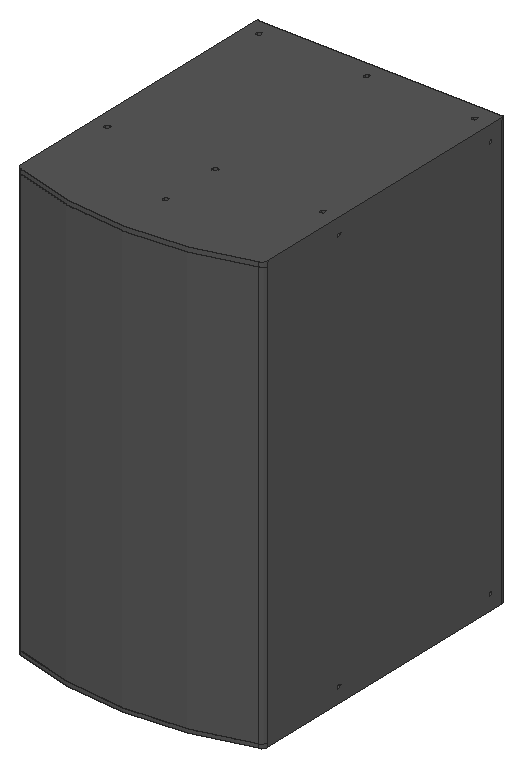
Revit family "1Electronics_Community_Biamp_Subwoofer_IS6-218", category Communication Devices, host Face, Revit 2020
Family settings
  Host = Face
  Maintain Annotation Orientation = No
  Round Connector Dimension = Use Diameter
  Part Type = Normal
  OmniClass Number = 23.85.10.11.14.14.14
  OmniClass Title = Loudspeakers
  Cut with Voids When Loaded = No
  Shared = No
  Room Calculation Point = No
Parameters (values of type "IS6-218 B")
  Width = 22.10"  # constant formula
  Weight = 170.00 lbf  # constant formula
  URL = "https://www.biamp.com/"
  Transducers = "2 x 18 (457mm) double-treated cones with 4 (102mm) inner/outer wound voice coil, ferrite construction"  # constant formula
  Shipping Weight = 190.00 lbf  # constant formula
  Recommended Amplifiers = "Single Amp - 1400W - 2800W @ 4 ohms,  (75V - 106V); Dual Amp - 700W - 1400W @ 8 ohms,  (75V - 106V) (each driver)"  # constant formula
  Product data url = "https://bimobject.com/biamp/product/is6-218_community-subwoofer"
  Product Page URL = "https://www.biamp.com/products/product-families/community/community-subwoofers#is6-218"
  Product Documentation Link = "https://downloads.biamp.com/assets/docs/default-source/data-sheets/biamp_data_sheet_community_is6-218.pdf"
  Operating Range = "32 Hz to 145 Hz  "  # constant formula
  Operating Mode = "Single or Dual Amp"  # constant formula
  Operating Environment = "Indoor"  # constant formula
  Nominal Sensitivity = "Half Space - 1W: 107 dB - 2.83V: 110 dB; Whole Space - 1W: 101 dB - 2.83V: 104 dB"  # constant formula
  Nominal Maximum SPL = "Half Space - Peak: 144 dB - Continuous: 138 dB; Whole Space - Peak: 138 dB - Continuous: 132 dB"  # constant formula
  Mounting Points = "(24) M10 threaded rigging points"  # constant formula
  Model = "IS6-218 B"
  Manufacturer = "Biamp"  # constant formula
  Input Connection = "Screw terminal blocks (4-position)"  # constant formula
  Housing Material = Biamp - Plastic - Black
  Height = 39.00"  # constant formula
  Grill Material = Biamp - Plastic - Black(Grid)
  Equalized Sensitivity = "Half Space - 1W: 102 dB - 2.83V: 105 dB; Whole Space - 1W: 96 dB - 2.83V: 99 dB"  # constant formula
  Equalized Maximum SPL = "Half Space - Peak: 139 dB - Continuous: 133 dB; Whole Space - Peak: 133 dB - Continuous: 127 dB"  # constant formula
  Environmental = "Outdoor: IP55W per IEC 60529, MIL-STD-810G"  # constant formula
  Description = "IS6-218 Medium Power Dual 18-Inch Subwoofer"  # constant formula
  Depth = 28.89"  # constant formula
  Default Elevation = 48.00"
  Continuous Power Handling  Nominal Impedance = "Single Amp - 75V, 1400W @ 4 ohms (5600W peak); Dual Amp - 75V, 700W @ 8 ohms (2800W peak) (each); "  # constant formula
Types (3): name | Model | Housing Material | Grill Material
  (no name) | "IS6-218 B" | Biamp - Plastic - Black | Biamp - Plastic - Black(Grid)
  IS6-218 B | "IS6-218 B" | Biamp - Plastic - Black | Biamp - Plastic - Black(Grid)
  IS6-218 W | "IS6-218 W" | Biamp - Plastic - White | Biamp - Plastic - White(Grid)
Reference planes (in)
  plane 1 "Center (Front/Back)": y = 0
  plane 2: z = 0
  plane 3 "Center (Left/Right)": x = 0
  plane 4: y = 14.445
  plane 5: y = -14.445
  plane 6: x = -11.05
  plane 7: x = 11.05
  plane 8: z = 39
  plane 9: z = 19.5
  plane 10: x = -10.675
  plane 11: y = 14.07
  plane 12: y = 14.2575
  plane 13: z = 38.625
  plane 14: z = 0.375
  plane 15: x = 10.675
  plane 16: y = -12.015
Forms (in)
  Extrusion 1, void
    sketch origin (0, 0, 0) x (1, 0, 0) y (0, 1, 0)
      loop
        circle (-9.67, 12.925) r 0.21654
      loop
        circle (0, 12.925) r 0.21654
      loop
        circle (9.67, 12.925) r 0.21654
      loop
        circle (-9.67, -4.085) r 0.21654
      loop
        circle (0, -4.085) r 0.21654
      loop
        circle (9.67, -4.085) r 0.21654
      loop
        circle (0, -9.605) r 0.21654
    from 38.625 to 39
  Extrusion 2, void
    sketch origin (0, 0, 0) x (0, 1, 0) y (0, 0, 1)
      loop
        circle (12.925, 1.38) r 0.21654
      loop
        circle (12.925, 37.62) r 0.21654
      loop
        circle (-4.085, 1.38) r 0.21654
      loop
        circle (-4.085, 37.62) r 0.21654
    from 10.675 to 11.05
  Extrusion 3, void
    sketch origin (0, 0, 0) x (1, 0, 0) y (0, 0, 1)
      loop
        circle (0, 37.62) r 0.21654
      loop
        circle (0, 1.38) r 0.21654
      loop
        line (2.005, 13.38) -> (-2.005, 13.38)
        arc (-2.005, 13.38) -> (-2.09339, 13.34339) -> (-2.13, 13.255) r 0.125
        line (-2.13, 13.255) -> (-2.13, 6.445)
        arc (-2.13, 6.445) -> (-2.09339, 6.35661) -> (-2.005, 6.32) r 0.125
        line (-2.005, 6.32) -> (2.005, 6.32)
        arc (2.005, 6.32) -> (2.09339, 6.35661) -> (2.13, 6.445) r 0.125
        line (2.13, 6.445) -> (2.13, 13.255)
        arc (2.13, 13.255) -> (2.09339, 13.34339) -> (2.005, 13.38) r 0.125
    from -14.445 to -14.07
  Extrusion 4, solid, material "Biamp - Plastic - Black" <- "Housing Material", detail levels medium+fine
    sketch origin (0, 0, -2.8) x (1, 0, 0) y (0, 0, 1)
      loop
        line (-0.5, 15.18) -> (-0.5, 14.93) -> (0.5, 14.93) -> (0.5, 15.18) -> (-0.5, 15.18)
      loop
        line (-0.5, 14.18) -> (-0.5, 13.93) -> (0.5, 13.93) -> (0.5, 14.18) -> (-0.5, 14.18)
    from -14.2575 to -14.07
  Extrusion 5, void
    sketch origin (0, 0, -19.42578) x (0, -1, 0) y (1, 0, 0)
      loop
        circle (-12.925, -9.67) r 0.21654
      loop
        circle (-12.925, 0) r 0.21654
      loop
        circle (-12.925, 9.67) r 0.21654
      loop
        circle (4.085, -9.67) r 0.21654
      loop
        circle (4.085, 0) r 0.21654
      loop
        circle (4.085, 9.67) r 0.21654
      loop
        circle (9.605, 0) r 0.21654
    from 19.42578 to 19.80078
  Extrusion 6, solid, material "Biamp - Plastic - Black" <- "Housing Material", detail levels medium+fine
    sketch origin (0, 0, 0) x (1, 0, 0) y (0, 1, 0)
      loop
        arc (-10.89375, 14.445) -> (-11.00424, 14.39924) -> (-11.05, 14.28875) r 0.15625
        line (-11.05, 14.28875) -> (-11.05, -12.015)
        arc (-11.05, -12.015) -> (-10.91244, -12.32978) -> (-10.6336, -12.53044) r 0.64982
        arc (-10.6336, -12.53044) -> (0, -14.445) -> (10.6336, -12.53044) r 30.48718
        arc (10.6336, -12.53044) -> (10.91244, -12.32978) -> (11.05, -12.015) r 0.64982
        line (11.05, -12.015) -> (11.05, 14.23673)
        arc (11.05, 14.23673) -> (10.989, 14.384) -> (10.84173, 14.445) r 0.20827
        line (10.84173, 14.445) -> (-10.89375, 14.445)
    from 0 to 39
  Extrusion 7, solid, material "Biamp - Plastic - Black" <- "Housing Material", detail levels coarse
    sketch origin (0, 0, 0) x (1, 0, 0) y (0, 1, 0)
      loop
        arc (10.6336, -12.53044) -> (10.91244, -12.32978) -> (11.05, -12.015) r 0.64982
        line (11.05, -12.015) -> (11.05, 14.23673)
        arc (11.05, 14.23673) -> (10.989, 14.384) -> (10.84173, 14.445) r 0.20827
        line (10.84173, 14.445) -> (-10.89375, 14.445)
        arc (-10.89375, 14.445) -> (-11.00424, 14.39924) -> (-11.05, 14.28875) r 0.15625
        line (-11.05, 14.28875) -> (-11.05, -12.015)
        arc (-11.05, -12.015) -> (-10.91244, -12.32978) -> (-10.6336, -12.53044) r 0.64982
        arc (-10.6336, -12.53044) -> (0, -14.445) -> (10.6336, -12.53044) r 30.48718
    from 0 to 39
  Extrusion 8, solid, material "Biamp - Plastic - Black(Grid)" <- "Grill Material", detail levels medium+fine
    sketch origin (0, 0, 0) x (1, 0, 0) y (0, 1, 0)
      loop
        arc (10.6336, -12.53044) -> (10.91244, -12.32978) -> (11.05, -12.015) r 0.64982
        line (11.05, -12.015) -> (-11.05, -12.015)
        arc (-11.05, -12.015) -> (-10.91244, -12.32978) -> (-10.6336, -12.53044) r 0.64982
        arc (-10.6336, -12.53044) -> (0, -14.445) -> (10.6336, -12.53044) r 30.48718
    from 0.375 to 38.625
  Extrusion 9, void
    sketch origin (0, 0, 0) x (1, 0, 0) y (0, 1, 0)
      loop
        line (-12.05, -12.015) -> (-12.05, -15.0937) -> (11.54035, -15.0937) -> (11.54035, -12.015) -> (-12.05, -12.015)
    from 0.375 to 38.625
  Extrusion 10, void
    sketch origin (0, 0, 0) x (0, 1, 0) y (0, 0, -1)
      loop
        circle (12.925, -1.38) r 0.21654
      loop
        circle (12.925, -37.63) r 0.21654
      loop
        circle (-4.085, -1.38) r 0.21654
      loop
        circle (-4.085, -37.63) r 0.21654
    from 10.675 to 11.05
Cuts and joins
  Extrusion 1, Extrusion 2, Extrusion 3, Extrusion 5, Extrusion 9, Extrusion 10 cuts Extrusion 6
  Extrusion 10 cuts Extrusion 7
Lines and regions (in)
  Masking region 1
    outline origin (0, 0, 0) x (1, 0, 0) y (0, 0, 1)
      loop
        line (-11.05006, 39) -> (-11.05006, 0) -> (11.05006, 0) -> (11.05006, 39) -> (-11.05006, 39)
  Masking region 2
    outline origin (0, 0, 0) x (0, 1, 0) y (0, 0, 1)
      loop
        line (-14.445, 39) -> (-14.445, 0) -> (14.445, 0) -> (14.445, 39) -> (-14.445, 39)
  Masking region 3
    outline origin (0, 0, 0) x (1, 0, 0) y (0, 1, 0)
      loop
        arc (10.6336, -12.53044) -> (10.91244, -12.32978) -> (11.05, -12.015) r 0.64982
        line (11.05, -12.015) -> (11.05, 14.23673)
        arc (11.05, 14.23673) -> (10.989, 14.384) -> (10.84173, 14.445) r 0.20827
        line (10.84173, 14.445) -> (-10.89375, 14.445)
        arc (-10.89375, 14.445) -> (-11.00424, 14.39924) -> (-11.05, 14.28875) r 0.15625
        line (-11.05, 14.28875) -> (-11.05, -12.015)
        arc (-11.05, -12.015) -> (-10.91244, -12.32978) -> (-10.6336, -12.53044) r 0.64982
        arc (-10.6336, -12.53044) -> (0, -14.445) -> (10.6336, -12.53044) r 30.48718
  symbolic lines
    curve 1: arc (-9.45346, 12.925, 0) -> (-9.67, 12.70846, 0) -> (-9.88654, 12.925, 0) r 0.21654
    curve 2: arc (-9.88654, 12.925, 0) -> (-9.67, 13.14154, 0) -> (-9.45346, 12.925, 0) r 0.21654
    curve 3: arc (0.21654, 12.925, 0) -> (0, 12.70846, 0) -> (-0.21654, 12.925, 0) r 0.21654
    curve 4: arc (-0.21654, 12.925, 0) -> (0, 13.14154, 0) -> (0.21654, 12.925, 0) r 0.21654
    curve 5: arc (9.45346, 12.925, 0) -> (9.67, 12.70846, 0) -> (9.88654, 12.925, 0) r 0.21654
    curve 6: arc (9.88654, 12.925, 0) -> (9.67, 13.14154, 0) -> (9.45346, 12.925, 0) r 0.21654
    curve 7: arc (-9.45346, -4.085, 0) -> (-9.67, -4.30154, 0) -> (-9.88654, -4.085, 0) r 0.21654
    curve 8: arc (-9.88654, -4.085, 0) -> (-9.67, -3.86846, 0) -> (-9.45346, -4.085, 0) r 0.21654
    curve 9: arc (0.21654, -4.085, 0) -> (0, -4.30154, 0) -> (-0.21654, -4.085, 0) r 0.21654
    curve 10: arc (-0.21654, -4.085, 0) -> (0, -3.86846, 0) -> (0.21654, -4.085, 0) r 0.21654
    curve 11: arc (9.45346, -4.085, 0) -> (9.67, -4.30154, 0) -> (9.88654, -4.085, 0) r 0.21654
    curve 12: arc (9.88654, -4.085, 0) -> (9.67, -3.86846, 0) -> (9.45346, -4.085, 0) r 0.21654
    curve 13: arc (0.21654, -9.605, 0) -> (0, -9.82154, 0) -> (-0.21654, -9.605, 0) r 0.21654
    curve 14: arc (-0.21654, -9.605, 0) -> (0, -9.38846, 0) -> (0.21654, -9.605, 0) r 0.21654
Dimensions and locks (in)
  equal spacing: plane 5, plane 1 "Center (Front/Back)", plane 4
  "Depth": plane 4 to plane 5
  equal spacing: plane 6, plane 3 "Center (Left/Right)", plane 7
  "Width": plane 6 to plane 7
  "Height": plane 8 to plane 2
  equal spacing: plane 8, plane 9, plane 2
  plane 6 to plane 10 = 0.375"
  locked: plane 11 to plane 4 at 0.375
  equal spacing: plane 11, plane 12, plane 4
  locked: plane 8 to plane 13 at 0.375
  locked: plane 14 to plane 2 at 0.375
  locked: plane 15 to plane 7 at 0.375
  plane 16 to plane 5 = 2.43"
  aligned and locked: plane 2 to host face
  aligned and locked: level to host face
  aligned and locked: plane 8 to Extrusion 1
  aligned and locked: plane 7 to Extrusion 2
  aligned and locked: Extrusion 3 to plane 4
  aligned and locked: plane 8 to Extrusion 6
  aligned and locked: Extrusion 6 to plane 2
  aligned and locked: plane 11 to Extrusion 4
  aligned and locked: Extrusion 4 to plane 12
  aligned and locked: Extrusion 6 sketch curve to plane 4
  aligned and locked: Extrusion 6 sketch curve to plane 6
  aligned and locked: plane 15 to Extrusion 2
  aligned and locked: plane 8 to Extrusion 7
  aligned and locked: Extrusion 7 to plane 2
  aligned and locked: plane 13 to Extrusion 8
  aligned and locked: plane 14 to Extrusion 8
  aligned and locked: plane 13 to Extrusion 9
  aligned and locked: plane 11 to cut or joined group of Extrusion 1, Extrusion 2, Extrusion 3, Extrusion 5, Extrusion 6, Extrusion 9, Extrusion 10
  aligned and locked: cut or joined group of Extrusion 7, Extrusion 10 to plane 10
  aligned and locked: cut or joined group of Extrusion 7, Extrusion 10 to plane 6
Automatic sketch dimensions
  host sketch curve to host sketch curve = 96.00"  (x2)
  Extrusion 4 sketch curve to plane 3 "Center (Left/Right)" = 0.50"  (x2)
  plane 3 "Center (Left/Right)" to Extrusion 4 sketch curve = 0.50"  (x2)
  Extrusion 4 sketch curve to plane 9 = 8.37"
  Extrusion 4 sketch curve to Extrusion 4 sketch curve = 0.25"  (x2)
  Extrusion 4 sketch curve to Extrusion 4 sketch curve = 0.75"
  curve 1 to curve 2 = 0.00"  (x2)
  curve 3 to curve 4 = 0.00"  (x2)
  curve 5 to curve 6 = 0.00"  (x2)
  curve 7 to curve 8 = 0.00"  (x2)
  curve 9 to curve 10 = 0.00"  (x2)
  curve 11 to curve 12 = 0.00"  (x2)
  curve 13 to curve 14 = 0.00"  (x2)
  curve 10 to plane 3 "Center (Left/Right)" = 0.00"
  curve 13 to plane 3 "Center (Left/Right)" = 0.00"
  curve 3 to plane 3 "Center (Left/Right)" = 0.00"
  plane 10 to curve 7 = 1.005"
  plane 10 to curve 1 = 1.005"
  plane 15 to curve 5 = 1.005"
  plane 15 to curve 11 = 1.005"
  plane 16 to curve 14 = 2.41"
  plane 1 "Center (Front/Back)" to curve 12 = 4.085"
  plane 1 "Center (Front/Back)" to curve 10 = 4.085"
  plane 1 "Center (Front/Back)" to curve 7 = 4.085"
  plane 11 to curve 6 = 1.145"
  plane 11 to curve 4 = 1.145"
  plane 11 to curve 2 = 1.145"
  curve 10 to curve 9 = 0.21654"
  curve 3 to curve 3 = 0.21654"
  curve 13 to curve 13 = 0.21654"
  curve 7 to curve 7 = 0.21654"
  curve 1 to curve 1 = 0.21654"
  curve 5 to curve 5 = 0.21654"
  curve 11 to curve 11 = 0.21654"
  Extrusion 1 sketch curve to plane 3 "Center (Left/Right)" = 0.00"  (x3)
  plane 10 to Extrusion 1 sketch curve = 1.005"  (x2)
  plane 15 to Extrusion 1 sketch curve = 1.005"  (x2)
  plane 16 to Extrusion 1 sketch curve = 2.41"
  plane 1 "Center (Front/Back)" to Extrusion 1 sketch curve = 4.085"  (x3)
  plane 11 to Extrusion 1 sketch curve = 1.145"  (x3)
  Extrusion 2 sketch curve to plane 14 = 1.005"  (x2)
  plane 1 "Center (Front/Back)" to Extrusion 2 sketch curve = 4.085"  (x2)
  Extrusion 2 sketch curve to plane 13 = 1.005"  (x2)
  plane 11 to Extrusion 2 sketch curve = 1.145"  (x2)
  Extrusion 3 sketch curve to plane 3 "Center (Left/Right)" = 0.00"  (x2)
  Extrusion 3 sketch curve to plane 3 "Center (Left/Right)" = 2.005"  (x2)
  Extrusion 3 sketch curve to Extrusion 3 sketch curve = 0.125"  (x2)
  plane 3 "Center (Left/Right)" to Extrusion 3 sketch curve = 2.005"  (x2)
  Extrusion 3 sketch curve to plane 14 = 1.005"
  Extrusion 3 sketch curve to Extrusion 3 sketch curve = 4.94"
  Extrusion 3 sketch curve to plane 9 = 6.245"
  Extrusion 3 sketch curve to plane 13 = 1.005"
  Extrusion 5 sketch curve to plane 3 "Center (Left/Right)" = 0.00"  (x3)
  plane 11 to Extrusion 5 sketch curve = 1.145"  (x3)
  plane 1 "Center (Front/Back)" to Extrusion 5 sketch curve = 4.085"  (x3)
  plane 15 to Extrusion 5 sketch curve = 1.005"  (x2)
  plane 10 to Extrusion 5 sketch curve = 1.005"  (x2)
  plane 16 to Extrusion 5 sketch curve = 2.41"
  plane 4 to Extrusion 6 sketch curve = 0.00"
  Extrusion 6 sketch curve to plane 3 "Center (Left/Right)" = 0.00"
  Extrusion 6 sketch curve to plane 7 = 0.00"
  Extrusion 6 sketch curve to plane 16 = 0.00"  (x2)
  plane 6 to Extrusion 6 sketch curve = 0.15625"
  plane 16 to Extrusion 6 sketch curve = 0.09357"  (x2)
  plane 10 to Extrusion 6 sketch curve = 0.26805"
  plane 15 to Extrusion 6 sketch curve = 0.26805"
  plane 12 to Extrusion 6 sketch curve = 0.02077"
  Extrusion 6 sketch curve to plane 4 = 1.59718"
  plane 15 to Extrusion 6 sketch curve = 0.0414"
  Extrusion 6 sketch curve to Extrusion 6 sketch curve = 0.00"
  Masking region 1 sketch curve to level = 0.00"
  Masking region 1 sketch curve to plane 8 = 0.00"
  Masking region 1 sketch curve to plane 6 = 0.00006"
  plane 7 to Masking region 1 sketch curve = 0.00006"
  Masking region 2 sketch curve to level = 0.00"
  Masking region 2 sketch curve to plane 5 = 0.00"
  Masking region 2 sketch curve to plane 4 = 0.00"
  Masking region 2 sketch curve to plane 8 = 0.00"
  Extrusion 9 sketch curve to plane 16 = 0.00"
  Extrusion 9 sketch curve to plane 6 = 1.00"
  plane 7 to Extrusion 9 sketch curve = 0.49035"
  Extrusion 9 sketch curve to plane 5 = 0.6487"
  Extrusion 10 sketch curve to plane 14 = 1.005"  (x2)
  plane 1 "Center (Front/Back)" to Extrusion 10 sketch curve = 4.085"  (x2)
  Extrusion 10 sketch curve to plane 13 = 0.995"  (x2)
  plane 11 to Extrusion 10 sketch curve = 1.145"  (x2)
  Masking region 3 sketch curve to plane 6 = 0.00"
  plane 4 to Masking region 3 sketch curve = 0.00"
  Masking region 3 sketch curve to plane 3 "Center (Left/Right)" = 0.00"
  Masking region 3 sketch curve to plane 7 = 0.00"
  Masking region 3 sketch curve to plane 16 = 0.00"  (x2)
  plane 6 to Masking region 3 sketch curve = 0.15625"
  plane 16 to Masking region 3 sketch curve = 0.09357"  (x2)
  plane 10 to Masking region 3 sketch curve = 0.26805"
  plane 15 to Masking region 3 sketch curve = 0.26805"
  plane 12 to Masking region 3 sketch curve = 0.02077"
  Masking region 3 sketch curve to plane 4 = 1.59718"
  Masking region 3 sketch curve to Masking region 3 sketch curve = 0.00"
  Extrusion 7 sketch curve to plane 6 = 0.00"
  plane 4 to Extrusion 7 sketch curve = 0.00"
  Extrusion 7 sketch curve to plane 3 "Center (Left/Right)" = 0.00"
  Extrusion 7 sketch curve to plane 7 = 0.00"
  Extrusion 7 sketch curve to plane 16 = 0.00"  (x2)
  plane 6 to Extrusion 7 sketch curve = 0.15625"
  plane 16 to Extrusion 7 sketch curve = 0.09357"  (x2)
  plane 10 to Extrusion 7 sketch curve = 0.26805"
  plane 15 to Extrusion 7 sketch curve = 0.26805"
  plane 12 to Extrusion 7 sketch curve = 0.02077"
  Extrusion 7 sketch curve to plane 4 = 1.59718"
  Extrusion 7 sketch curve to Extrusion 7 sketch curve = 0.00"
  Extrusion 8 sketch curve to plane 6 = 0.00"
  Extrusion 8 sketch curve to plane 3 "Center (Left/Right)" = 0.00"
  Extrusion 8 sketch curve to plane 7 = 0.00"
  Extrusion 8 sketch curve to plane 16 = 0.00"
  plane 16 to Extrusion 8 sketch curve = 0.09357"  (x2)
  plane 10 to Extrusion 8 sketch curve = 0.26805"
  plane 15 to Extrusion 8 sketch curve = 0.26805"
  Extrusion 8 sketch curve to plane 4 = 1.59718"
  Extrusion 8 sketch curve to Extrusion 8 sketch curve = 0.00"
  radius of Extrusion 1 sketch curve = 0.21654"  (x7)
  radius of Extrusion 2 sketch curve = 0.21654"  (x4)
  radius of Extrusion 3 sketch curve = 0.21654"  (x2)
  radius of Extrusion 5 sketch curve = 0.21654"  (x7)
  radius of Extrusion 10 sketch curve = 0.21654"  (x4)
Connectors (in)
  electrical at (0.25, 14.2575, 12.25539)
    settings: on Extrusion 4, index 1, voltage 0 V, apparent load 0 VA, apparent load phase1 0 VA, apparent load phase2 0 VA, apparent load phase3 0 VA, power factor 1, load classification "Other", number of poles 1, system type 5, power factor state 1, is connector primary yes, connector utility no, sub classification motor no, connector description "Screw terminal blocks; LF 1"
  electrical at (0.25, 14.2575, 11.25539)
    settings: on Extrusion 4, index 2, voltage 0 V, apparent load 0 VA, apparent load phase1 0 VA, apparent load phase2 0 VA, apparent load phase3 0 VA, power factor 1, load classification "Other", number of poles 1, system type 5, power factor state 1, is connector primary no, connector utility no, sub classification motor no, connector description "Screw terminal blocks; LF 2"
  electrical at (-0.25, 14.2575, 12.25539)
    settings: on Extrusion 4, index 3, voltage 0 V, apparent load 0 VA, apparent load phase1 0 VA, apparent load phase2 0 VA, apparent load phase3 0 VA, power factor 1, load classification "Other", number of poles 1, system type 5, power factor state 1, is connector primary no, connector utility no, sub classification motor no, connector description "Screw terminal blocks; LF 1"
  electrical at (-0.25, 14.2575, 11.25539)
    settings: on Extrusion 4, index 4, voltage 0 V, apparent load 0 VA, apparent load phase1 0 VA, apparent load phase2 0 VA, apparent load phase3 0 VA, power factor 1, load classification "Other", number of poles 1, system type 5, power factor state 1, is connector primary no, connector utility no, sub classification motor no, connector description "Screw terminal blocks; LF 2"
